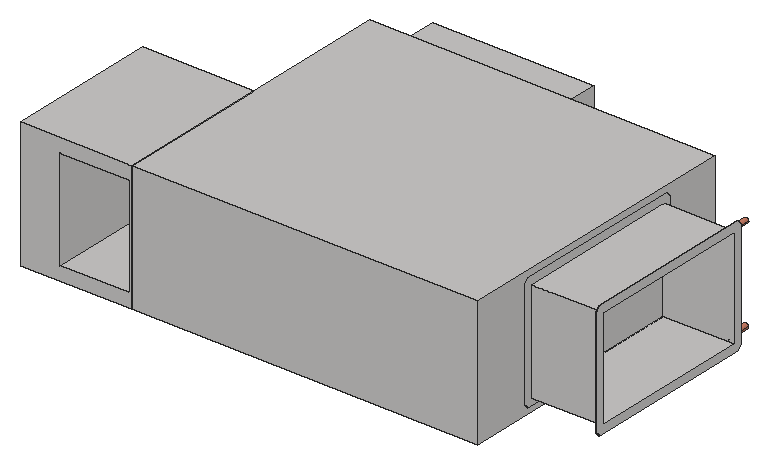
Revit family
Parameters
  Width = 3' - 1"
  Voltage = 277 V
  Unit Weight = if(and(Size Option = 1, Number of Rows = 1), "189.0 lbs", if(and(Size Option = 1, Number of Rows = 2), "192.0 lbs", if(and(Size Option = 2, Number of Rows = 1), "194.0 lbs", if(and(Size Option = 2, Number of Rows = 2), "197.0 lbs", "0"))))  # "189.0 lbs"
  UltraLoc Liner = Choose Liner Option = 3  # no
  URL = "http://www.titus-hvac.com/"
  UL = "181"
  Supply Air Flow [instance] = 0 CFM
  SteriLoc Liner = Choose Liner Option = 2  # no
  Size Option = 1
  Size C = Size Option = 2  # no
  Size B = Size Option = 1  # yes
  Secondary Material = Copper Connectors
  Primary Air Pressure Drop [instance] = 0.00 in-wg
  Primary Air Flow [instance] = 0 CFM
  Pressure [instance] = 0.00 psi
  Plenum Air Pressure Drop [instance] = 0.00 in-wg
  Plenum Air Flow [instance] = 0 CFM
  Outlet Width = 1' - 8 1/2"
  Outlet Height = 1' - 0 1/2"
  Number of Rows = 1
  Number of Poles = 1
  Nominal Width = Width + 0' 6 1/4"  # 3' - 7 1/4"
  Nominal Length = Length + 1' 1 7/8" + 0' 9"  # 5' - 5 7/8"
  Nominal Inlet Size = 0' - 8"
  Nominal Height = 1' - 4"
  NFPA = "90A"
  Motor Full Load Amps [instance] = 0.8 A
  Model = "DTFS-F"
  Min. Air Flow = 0 CFM
  Max. Air Flow = 900 CFM
  Material = Galvanized Steel
  Manufacturer = "Titus"
  Length = 3' - 7"
  Juction Box Offset = 0' - 2 7/8"
  Inlet Diameter = Nominal Inlet Size - 0' 0 1/8"  # 0' - 7 7/8"
  Induced Air Inlet Width = 1' - 1 7/8"
  Induced Air Inlet Offset = (Height - Induced Air Inlet Connection Height) / 2  # 0' - 1 11/16"
  Induced Air Inlet Height = 1' - 7"
  Induced Air Inlet Connection Width = 0' - 8 3/4"
  Induced Air Inlet Connection Height = 1' - 0 5/8"
  Induced Air Filter = no
  Height = 1' - 4"
  Heating Total Capacity [instance] = 0 Btu/h
  Heating Entering Water Temp = 0 °F
  Half Outlet Connection Width = Outlet Width / 2  # 0' - 10 1/4"
  Half Outlet Connection Height = Outlet Height / 2  # 0' - 6 1/4"
  Half Height Start = -(Height / 2)  # -0' - 8"
  Half Height End = Height / 2  # 0' - 8"
  HWC Option = HWC Section : B-C - 1 Row
  HWC Connector Radius = 5/16"
  HP-Motor = "1/6"
  Gallons Per Minute [instance] = 0 GPM
  Frequency = 60 Hz
  Flange Offset = 0' - 1"
  Filter Size = "11\"x14\""
  Fiber Free Liner = Choose Liner Option = 1  # no
  Fan Disconnect Switch = no
  Duct Radius = Nominal Inlet Size / 2  # 0' - 4"
  Description = "Ultra Quiet Series Fan Powered Terminal Unit, Direct Digital Control, Pressure Independent"
  Connector Vertical Offset = 0' - 11 3/4"
  HWC Connector Length = 0' - 3"
  Connector Horizontal Offset = if(Number of Rows = 1, 0' 0", if(Number of Rows = 2, 0' 1", 0' 0"))  # 0' - 0"
  Connection Void Radius = Connection Radius - 0' 0 1/4"  # 0' - 3 11/16"
  Connection Radius = Inlet Diameter / 2  # 0' - 3 15/16"
  Choose Liner Option = 0
  CADworks URL = "www.CADworks.net"
  Assembly Code = "D3040100"
  Apparent Power [instance] = Voltage * Motor Full Load Amps  # 221.6 VA
  Air Inlet Offset = 0' - 6"
  1/2" Fiberglass Liner = Choose Liner Option = 0  # yes
  1" Fiberglass Liner = Choose Liner Option = 4  # no
Reference planes (in)
  plane 1 "Center (Front/Back)": y = 0
  plane 2: z = 0
  plane 3 "Center (Left/Right)": x = 3
  plane 4: x = -18.5
  plane 5: x = 24.5
  plane 6: x = -15.625
  plane 7: x = -21.875
  plane 8: z = 0
  plane 9: y = -18.5
  plane 10: y = 18.5
  plane 11: y = 12.5
  plane 12: z = 0
  plane 13: x = 33.5
  plane 14: x = 32.5
  plane 15: y = 13.25
  plane 16: y = 10.25
  plane 17: z = 5.875
  plane 18: z = -5.875
  plane 19: x = 32.5
  plane 20: y = 24.75
  plane 21: x = -32.375
  plane 22: z = 8
  plane 23: z = -8
Forms (in)
  Extrusion 1, solid, material "Galvanized Steel" <- "Material"
    sketch origin (0, 0, 0) x (1, 0, 0) y (0, 1, 0)
      loop
        line (-18.5, 18.5) -> (-18.5, -18.5) -> (24.5, -18.5) -> (24.5, 18.5) -> (-18.5, 18.5)
    from -8 <- "Half Height Start" to 8 <- "Half Height End"
  Extrusion 2, solid, material "Galvanized Steel" <- "Material"
    sketch origin (0, 0, 0) x (1, 0, 0) y (0, 1, 0)
      loop
        line (-32.375, 0.5) -> (-32.375, -18.5) -> (-18.5, -18.5) -> (-18.5, 0.5) -> (-32.375, 0.5)
    from -8 <- "Half Height Start" to 8 <- "Half Height End"
  Extrusion 3, void
    sketch origin (0, -18.5, 0) x (1, 0, 0) y (0, 0, -1)
      loop
        line (-18.75, 6.3125) -> (-27.5, 6.3125) -> (-27.5, -6.3125) -> (-18.75, -6.3125) -> (-18.75, 6.3125)
    from 0 to 16
  Extrusion 4, solid, material "Galvanized Steel" <- "Material"
    sketch origin (3, 0, 30) x (1, 0, 0) y (0, 1, 0)
      loop
        line (-18.625, 18.5) -> (1.375, 18.5) -> (1.375, 24.75) -> (-18.625, 24.75) -> (-18.625, 18.5)
    from -36 to -24
  Extrusion 5, solid, material "Galvanized Steel" <- "Material"
    sketch origin (-24.875, -2, 0) x (0, 0, -1) y (0, 1, 0)
      loop
        circle (0, 14.5) r 3.9375
    from 3 to 6.375
  Extrusion 6, void
    sketch origin (-24.875, 0, 0) x (0, 1, 0) y (0, 0, 1)
      loop
        circle (12.5, 0) r 3.6875
    from 3 to 9.25
  Extrusion 7, void, detail levels fine
    sketch origin (33.5, -10.25, 6.25) x (0, 0, 1) y (0, -1, 0)
      loop
        line (-12.5, 0) -> (-12.5, -20.5) -> (0, -20.5) -> (0, 0) -> (-12.5, 0)
    from -0.0625 to 0
  Extrusion 8, solid, material "Copper Connectors" <- "Secondary Material", detail levels fine
    sketch origin (0, 0, 0) x (1, 0, 0) y (0, 0, 1)
      loop
        circle (32.5, 5.875) r 0.3125
    from -13.25 to -10.3125
  Extrusion 9, solid, material "Copper Connectors" <- "Secondary Material", detail levels fine
    sketch origin (0, 0, 0) x (1, 0, 0) y (0, 0, 1)
      loop
        circle (32.5, -5.875) r 0.3125
    from -13.25 to -10.3125
Cuts and joins
  Extrusion 3 cuts Extrusion 2
  Extrusion 6 cuts Extrusion 1
  Extrusion 6 cuts Extrusion 5
Dimensions and locks (in)
  "Length": plane 5 to plane 4
  equal spacing: plane 5, plane 3 "Center (Left/Right)", plane 4
  locked: Extrusion 4 to plane 6 at 0
  locked: Extrusion 4 to Extrusion 4 at 20
  "Juction Box Offset": plane 6 to plane 4
  locked: plane 4 to plane 7 at 3.375
  "Width": plane 9 to plane 10
  equal spacing: plane 9, plane 1 "Center (Front/Back)", plane 10
  locked: Extrusion 5 sketch curve to level at 0
  locked: Extrusion 5 sketch curve to plane 11 at 0
  locked: Extrusion 6 sketch curve to level at 0
  locked: Extrusion 6 sketch curve to plane 11 at 0
  locked: Extrusion 4 to Extrusion 4 at 6.25
  locked: Extrusion 4 to Extrusion 4 at 12
  equal spacing: Extrusion 4, plane 8, Extrusion 4
  "Air Inlet Offset": plane 10 to plane 11
  "Induced Air Inlet Height": cut or joined group of Extrusion 2, Extrusion 3 to cut or joined group of Extrusion 2, Extrusion 3
  locked: cut or joined group of Extrusion 5, Extrusion 6 to cut or joined group of Extrusion 5, Extrusion 6 at 3.375
  "Induced Air Inlet Connection Height": Extrusion 3 sketch curve to Extrusion 3 sketch curve
  "Induced Air Inlet Offset": Extrusion 3 sketch curve to cut or joined group of Extrusion 2, Extrusion 3
  "Induced Air Inlet Connection Width": Extrusion 3 sketch curve to Extrusion 3 sketch curve
  locked: Extrusion 3 sketch curve to cut or joined group of Extrusion 1, Extrusion 6 at 0.25
  locked: plane 5 to plane 13 at 9
  locked: plane 14 to plane 13 at 1
  locked: plane 17 to plane 18 at 11.75
  equal spacing: plane 17, plane 12, plane 18
  "Connector Horizontal Offset": plane 19 to plane 14
  "HWC Connector Length": plane 16 to plane 15
  locked: cut or joined group of Extrusion 2, Extrusion 3 to cut or joined group of Extrusion 2, Extrusion 3 at 16
  equal spacing: cut or joined group of Extrusion 2, Extrusion 3, plane 12, cut or joined group of Extrusion 2, Extrusion 3
  locked: cut or joined group of Extrusion 1, Extrusion 6 to cut or joined group of Extrusion 2, Extrusion 3 at 16
  equal spacing: cut or joined group of Extrusion 1, Extrusion 6, plane 12, cut or joined group of Extrusion 1, Extrusion 6
  locked: cut or joined group of Extrusion 2, Extrusion 3 to cut or joined group of Extrusion 2, Extrusion 3 at 13.875
  locked: nested 1 to cut or joined group of Extrusion 1, Extrusion 6 at 1.6875
  locked: cut or joined group of Extrusion 1, Extrusion 6 to nested 1 at 1.6875
  "Connection Radius": radius of Extrusion 5 sketch curve
  "Connection Void Radius": radius of Extrusion 6 sketch curve
  "HWC Connector Radius": radius of Extrusion 8 sketch curve
  "HWC Connector Radius": radius of Extrusion 9 sketch curve
  aligned and locked: plane 10 to Extrusion 4
  aligned and locked: plane 7 to cut or joined group of Extrusion 5, Extrusion 6
  aligned and locked: plane 9 to cut or joined group of Extrusion 2, Extrusion 3  (x3)
  aligned and locked: nested 1 to Extrusion 8
  aligned and locked: plane 15 to Extrusion 8
  aligned and locked: nested 1 to Extrusion 9
  aligned and locked: plane 15 to Extrusion 9
  aligned and locked: plane 5 to cut or joined group of Extrusion 1, Extrusion 6
  aligned and locked: cut or joined group of Extrusion 1, Extrusion 6 to plane 10
  aligned and locked: plane 9 to cut or joined group of Extrusion 1, Extrusion 6
  aligned and locked: cut or joined group of Extrusion 1, Extrusion 6 to plane 4
  aligned and locked: cut or joined group of Extrusion 1, Extrusion 6 to nested 1
  aligned and locked: cut or joined group of Extrusion 5, Extrusion 6 to cut or joined group of Extrusion 1, Extrusion 6
  aligned and locked: cut or joined group of Extrusion 2, Extrusion 3 to cut or joined group of Extrusion 1, Extrusion 6
  aligned and locked: plane 6 to Extrusion 6
  aligned and locked: Extrusion 6 to plane 7
  aligned and locked: plane 22 to cut or joined group of Extrusion 2, Extrusion 3
  aligned and locked: plane 22 to cut or joined group of Extrusion 1, Extrusion 6
  aligned and locked: plane 23 to cut or joined group of Extrusion 2, Extrusion 3
  aligned and locked: plane 23 to cut or joined group of Extrusion 1, Extrusion 6
  aligned and locked: plane 20 to Extrusion 4
  aligned and locked: plane 13 to nested 1
  aligned and locked: plane 21 to cut or joined group of Extrusion 2, Extrusion 3
Automatic sketch dimensions
  Extrusion 1 sketch curve to plane 4 = 0' - 0"
  Extrusion 1 sketch curve to plane 5 = 0' - 0"
  Extrusion 1 sketch curve to plane 9 = 0' - 0"
  Extrusion 1 sketch curve to plane 10 = 0' - 0"
  Extrusion 2 sketch curve to plane 4 = 0' - 0"
  Extrusion 2 sketch curve to plane 9 = 0' - 0"
  Extrusion 2 sketch curve to plane 1 "Center (Front/Back)" = 0' - 0 1/2"
  Extrusion 4 sketch curve to plane 6 = 0' - 0"
  Extrusion 4 sketch curve to plane 10 = 0' - 0"
  plane 3 "Center (Left/Right)" to Extrusion 4 sketch curve = 0' - 1 3/8"
  Extrusion 4 sketch curve to plane 10 = 0' - 6 1/4"
  Extrusion 2 sketch curve to plane 7 = 0' - 10 1/2"
  Extrusion 7 sketch curve to nested 1 = 0' - 0"  (x4)
  Extrusion 8 sketch curve to plane 17 = 0' - 0"
  Extrusion 8 sketch curve to plane 19 = 0' - 0"
  Extrusion 9 sketch curve to plane 14 = 0' - 0"
  Extrusion 9 sketch curve to plane 18 = 0' - 0"
Nested families (in)
  nested 1: "HWC Section" at (29, 0, 0) x (0, 1, 0) z (0, 0, 1), type <- "HWC Option", type "B-C - 1 Row"
Connectors (in)
  electrical at (-5.625, 24.75, 0), driven by "Apparent Power", driven by "Voltage", driven by "Number of Poles"
    settings: on Extrusion 4, index 8
  hvac at (-21.875, 12.5, 0), driven by "Duct Radius", driven by "Primary Air Pressure Drop", driven by "Primary Air Flow"
    settings: on cut or joined group of Extrusion 5, Extrusion 6, index 9
  hvac at (-23.125, -18.5, 0), driven by "Induced Air Inlet Connection Height", driven by "Induced Air Inlet Connection Width", driven by "Plenum Air Pressure Drop", driven by "Plenum Air Flow"
    settings: on cut or joined group of Extrusion 2, Extrusion 3, index 10
  hvac at (33.5, 0, 0), driven by "Outlet Height", driven by "Outlet Width", driven by "Supply Air Flow"
    settings: on Extrusion 7, index 11
  piping at (32.5, 13.25, 5.875), driven by "Gallons Per Minute", driven by "Pressure", driven by "HWC Connector Radius"
    settings: on Extrusion 8, index 12
  piping at (32.5, 13.25, -5.875), driven by "Gallons Per Minute", driven by "HWC Connector Radius", driven by "Pressure"
    settings: on Extrusion 9, index 13
Definition of nested family "HWC Section"
  Parameters (values of type "B-C - 1 Row")
    Visibility = yes
    Secondary Material = Copper Connectors
    Number of Rows = 1
    Material = Galvanized Steel
    Half Width = HWC Width / 2  # 0' - 10 1/4"
    Half Length-Start = -(HWC Length / 2)  # -0' - 4 1/2"
    Half Length-End = HWC Length / 2  # 0' - 4 1/2"
    HWC Connection Radius = 5/16"
    Flange Offset = 0' - 1"
    Duct Vertical Offset = HWC Height - 0' 0 1/2"  # 1' - 0"
    Duct Horizontal Offset = HWC Width - 0' 0 1/2"  # 1' - 8"
    Connector Vertical Offset = 0' - 11 3/4"
    HWC Width = 1' - 8 1/2"
    HWC Height = 1' - 0 1/2"
    HWC Length = 0' - 9"  # constant formula
    Gallons Per Minute = 0 GPM
    Connector Length = 0' - 3"
    Connector Horizontal Offset = 0' - 0"
  Types (5): name | Number of Rows | Half Width | Flange Offset | Duct Vertical Offset | Duct Horizontal Offset | Connector Vertical Offset | HWC Width | HWC Height | Connector Horizontal Offset
    (no name) | 1 | 0' - 10 1/4" | 0' - 1" | 1' - 0" | 1' - 8" | 0' - 11 3/4" | 1' - 8 1/2" | 1' - 0 1/2" | 0' - 0"
    B-C - 1 Row | 1 | 0' - 10 1/4" | 0' - 1" | 1' - 0" | 1' - 8" | 0' - 11 3/4" | 1' - 8 1/2" | 1' - 0 1/2" | 0' - 0"
    B-C - 2 Row | 2 | 0' - 10 1/4" | 0' - 1" | 1' - 0" | 1' - 8" | 0' - 11 3/4" | 1' - 8 1/2" | 1' - 0 1/2" | 0' - 1"
    D-E - 1 Row | 1 | 1' - 0 1/2" | 0' - 1 1/4" | 1' - 5" | 2' - 0 1/2" | 1' - 4 1/4" | 2' - 1" | 1' - 5 1/2" | 0' - 0"
    D-E - 2 Row | 2 | 1' - 0 1/2" | 0' - 1 1/4" | 1' - 5" | 2' - 0 1/2" | 1' - 4 3/4" | 2' - 1" | 1' - 5 1/2" | 0' - 1"
  Reference planes (in)
    plane 1 "Center (Front/Back)": y = 0
    plane 2: z = 0
    plane 3 "Center (Left/Right)": x = 0
    plane 4: x = -10.25
    plane 5: x = 10.25
    plane 6: y = 4.5
    plane 7: y = -4.5
    plane 8: z = 6.25
    plane 9: z = -6.25
    plane 10: z = 5.875
    plane 11: z = -5.875
    plane 12: y = 3.5
    plane 13: y = 3.5
    plane 14: x = 13.25
  Forms (in)
    Extrusion 1, solid, material "Galvanized Steel" <- "Material", visible <- "Visibility"
      sketch origin (0, 0, 0) x (1, 0, 0) y (0, 0, 1)
        loop
          line (-10.3125, 6.3125) -> (-10.3125, -6.3125) -> (10.3125, -6.3125) -> (10.3125, 6.3125) -> (-10.3125, 6.3125)
      from -4.375 <- "Half Length-Start" to 4.5 <- "Half Length-End"
    Extrusion 2, void, detail levels fine
      sketch origin (0, 0, 0) x (1, 0, 0) y (0, 0, 1)
        loop
          line (-10.25, -6.25) -> (10.25, -6.25) -> (10.25, 6.25) -> (-10.25, 6.25) -> (-10.25, -6.25)
      from -4.5 <- "Half Length-Start" to 4.5 <- "Half Length-End"
    Extrusion 3, solid, material "Copper Connectors" <- "Secondary Material", visible <- "Visibility"
      sketch origin (6, 2.625, 0) x (0, 1, 0) y (0, 0, 1)
        loop
          circle (0.875, -5.875) r 0.3125
      from 4.3125 to 7.25
    Extrusion 4, solid, material "Galvanized Steel" <- "Material", visible <- "Visibility"
      sketch origin (0, -4.375, 0) x (1, 0, 0) y (0, 0, 1)
        loop
          line (-10.25, 6.25) -> (-10.25, -6.25) -> (10.25, -6.25) -> (10.25, 6.25) -> (-10.25, 6.25)
        loop
          line (-11.25, 6.75) -> (-11.25, -6.75) -> (-10.75, -7.25) -> (10.75, -7.25) -> (11.25, -6.75) -> (11.25, 6.75) -> (10.75, 7.25) -> (-10.75, 7.25) -> (-11.25, 6.75)
      from 0 to 0.125
    Extrusion 5, solid, material "Copper Connectors" <- "Secondary Material", visible <- "Visibility"
      sketch origin (6, -0.5, 0) x (0, 1, 0) y (0, 0, 1)
        loop
          circle (4, 5.875) r 0.3125
      from 4.3125 to 7.25
    Extrusion 6, solid, material "Galvanized Steel" <- "Material", visible <- "Visibility"
      sketch origin (0, 4.375, 0) x (1, 0, 0) y (0, 0, -1)
        loop
          line (-10.25, -6.25) -> (10.25, -6.25) -> (10.25, 6.25) -> (-10.25, 6.25) -> (-10.25, -6.25)
        loop
          line (-11.25, -6.75) -> (-10.75, -7.25) -> (10.75, -7.25) -> (11.25, -6.75) -> (11.25, 6.75) -> (10.75, 7.25) -> (-10.75, 7.25) -> (-11.25, 6.75) -> (-11.25, -6.75)
      from 0 to 0.125
  Cuts and joins
    Extrusion 2 cuts Extrusion 1
    joined: Extrusion 1, Extrusion 4, Extrusion 6
  Dimensions and locks (in)
    "HWC Width": plane 4 to plane 5
    equal spacing: plane 4, plane 3 "Center (Left/Right)", plane 5
    "HWC Height": plane 8 to plane 9
    equal spacing: plane 8, plane 2, plane 9
    equal spacing: plane 10, plane 2, plane 11
    locked: plane 12 to plane 6 at 1
    "Connector Horizontal Offset": plane 13 to plane 12
    locked: plane 7 to Extrusion 4 at 0.125
    locked: Extrusion 6 to plane 6 at 0.125
    locked: plane 4 to Extrusion 1 sketch curve at 0.0625
    locked: Extrusion 4 to Extrusion 1 sketch curve at 0.0625
    locked: Extrusion 1 sketch curve to plane 8 at 0.0625
    locked: plane 9 to Extrusion 1 sketch curve at 0.0625
    "Connector Length": plane 5 to plane 14
    "HWC Length": plane 6 to plane 7
    equal spacing: plane 6, plane 1 "Center (Front/Back)", plane 7
    "Connector Vertical Offset": plane 10 to plane 11
    equal spacing: plane 10, level, plane 11
    "HWC Width": Extrusion 4 sketch curve to Extrusion 4 sketch curve
    equal spacing: Extrusion 4 sketch curve, plane 3 "Center (Left/Right)", Extrusion 4 sketch curve
    "HWC Height": Extrusion 4 sketch curve to Extrusion 4 sketch curve
    equal spacing: Extrusion 4 sketch curve, plane 2, Extrusion 4 sketch curve
    "Flange Offset": cut or joined group of Extrusion 1, Extrusion 2, Extrusion 4, Extrusion 6 to plane 8
    "Flange Offset": plane 9 to cut or joined group of Extrusion 1, Extrusion 2, Extrusion 4, Extrusion 6
    locked: cut or joined group of Extrusion 1, Extrusion 2, Extrusion 4, Extrusion 6 to plane 4 at 1  (x2)
    locked: cut or joined group of Extrusion 1, Extrusion 2, Extrusion 4, Extrusion 6 to plane 5 at 1  (x2)
    "HWC Width": Extrusion 6 sketch curve to Extrusion 6 sketch curve
    "HWC Height": Extrusion 6 sketch curve to Extrusion 6 sketch curve
    equal spacing: Extrusion 6 sketch curve, plane 3 "Center (Left/Right)", Extrusion 6 sketch curve
    equal spacing: Extrusion 6 sketch curve, plane 2, Extrusion 6 sketch curve
    "HWC Height": Extrusion 2 sketch curve to Extrusion 2 sketch curve
    "HWC Width": Extrusion 2 sketch curve to Extrusion 2 sketch curve
    equal spacing: Extrusion 2 sketch curve, plane 3 "Center (Left/Right)", Extrusion 2 sketch curve
    equal spacing: Extrusion 2 sketch curve, plane 2, Extrusion 2 sketch curve
    locked: plane 5 to Extrusion 3 at 0.0625
    locked: plane 5 to Extrusion 5 at 0.0625
    "Flange Offset": Extrusion 6 sketch curve to plane 8  (x2)
    "Flange Offset": plane 9 to Extrusion 6 sketch curve  (x2)
    "HWC Connection Radius": radius of Extrusion 3 sketch curve
    "HWC Connection Radius": radius of Extrusion 5 sketch curve
    aligned and locked: plane 7 to Extrusion 4
    aligned and locked: plane 6 to Extrusion 6
    aligned and locked: plane 14 to Extrusion 5
    aligned and locked: plane 14 to Extrusion 3
    aligned and locked: Extrusion 6 to cut or joined group of Extrusion 1, Extrusion 2, Extrusion 4, Extrusion 6
    aligned and locked: Extrusion 4 to Extrusion 4
  Automatic sketch dimensions
    Extrusion 3 sketch curve to plane 11 = 0' - 0"
    Extrusion 3 sketch curve to plane 12 = 0' - 0"
    plane 4 to Extrusion 4 sketch curve = 0' - 1"
    plane 4 to Extrusion 4 sketch curve = 0' - 0 1/2"  (x2)
    Extrusion 4 sketch curve to plane 5 = 0' - 0 1/2"  (x2)
    Extrusion 4 sketch curve to Extrusion 4 sketch curve = 0' - 0 1/2"  (x3)
    Extrusion 4 sketch curve to plane 9 = 0' - 0 1/2"  (x2)
    plane 8 to Extrusion 4 sketch curve = 0' - 0 1/2"  (x2)
    Extrusion 5 sketch curve to plane 10 = 0' - 0"
    Extrusion 5 sketch curve to plane 13 = 0' - 0"
    plane 4 to Extrusion 6 sketch curve = 0' - 1"
    plane 4 to Extrusion 6 sketch curve = 0' - 0 1/2"  (x2)
    Extrusion 6 sketch curve to plane 5 = 0' - 0 1/2"  (x2)
    Extrusion 6 sketch curve to Extrusion 6 sketch curve = 0' - 0 1/2"  (x2)
    plane 8 to Extrusion 6 sketch curve = 0' - 0 1/2"  (x2)
    Extrusion 6 sketch curve to plane 9 = 0' - 0 1/2"
